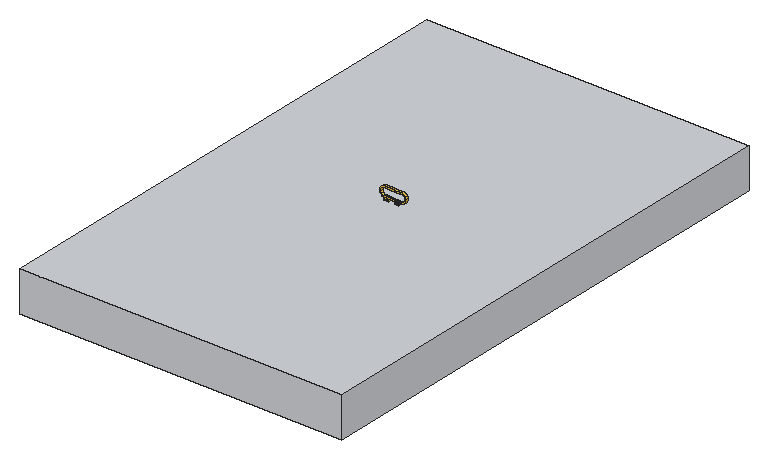
Revit family "Towel_Ring-GROHE-Starlight-41035_Series", category Plumbing Fixtures, host Face, Revit 2016
Family settings
  Host = Face
  Part Type = Normal
  Round Connector Dimension = Use Diameter
  OmniClass Number = 23.40.20.21.27
  OmniClass Title = Towel Bars
  Cut with Voids When Loaded = No
  Shared = Yes
  Room Calculation Point = No
Parameters (values of type "41035GN0")
  Width = 3 3/8"  # constant formula
  Waste Connection = no
  Warranty Documentation Link = "https://cdn.cloud.grohe.com/tpi/1000/1900/1940/1949/1949006/original/1949006.pdf"
  WFU = 0  # constant formula
  Vent Connection = no
  URL = "https://www.grohe.us/"
  Type Comments = ""
  Product Page URL = ""
  Price = "Prices may vary. Please consult Manufacturer Representative for most up-to-date price list."  # constant formula
  Model = "41035GNO"
  Material = "Metal-Grohe-GN0-Brushed Cool Sunrise"
  Manufacturer = "Grohe"
  Length = 7 7/8"  # constant formula
  Installation Type = "Wall Mounted"
  Height = 1 3/16"  # constant formula
  HWFU = 0  # constant formula
  HW Connection = no
  Flow Rate = ""  # constant formula
  Finish = Metal-Grohe-GN0-Brushed Cool Sunrise
  Description = "Towel Ring"  # constant formula
  Default Elevation = 0"  # constant formula
  Creation Date = "08/18/2020"  # constant formula
  CWFU = 0  # constant formula
  CW Connection = no
  Assembly Code = "D2010710"
Types (5): name | Model | Material | Finish
  41035000 | "41035000" | "Metal-Grohe-000-Starlight Chrome" | Metal-Grohe-000-Starlight Chrome
  41035A00 | "41035A00" | "Metal-Grohe-A00-Hard Graphite" | Metal-Grohe-A00-Hard Graphite
  41035BE0 | "41035BE0" | "Metal-Grohe-BE0-Polished Nickel" | Metal-Grohe-BE0-Polished Nickel
  41035EN0 | "41035EN0" | "Metal-Grohe-EN0-Brushed Nickel" | Metal-Grohe-EN0-Brushed Nickel
  41035GN0 | "41035GNO" | "Metal-Grohe-GN0-Brushed Cool Sunrise" | Metal-Grohe-GN0-Brushed Cool Sunrise
Reference planes (in)
  plane 1 "Center (Front/Back)": y = 0
  plane 2: z = 0
  plane 3 "Center (Left/Right)": x = 0
  plane 4: z = 3.38878
  plane 5: z = 0.70312
  plane 6: y = -1.1875
  plane 7: y = -0.59375
  plane 8: x = 1.59375
  plane 9: x = -1.59375
  plane 10: x = 2.25
  plane 11: x = 0.93675
  plane 12: x = -0.9375
  plane 13: x = -2.25
  plane 14: x = 3.9375
  plane 15: x = -3.9375
  plane 16: z = 0.38951
  plane 17: z = 1.88914
  plane 18: x = 1.9375
  plane 19: x = 1.25
  plane 20: x = -1.24925
  plane 21: x = -1.93675
Forms (in)
  Extrusion 1, solid
    sketch origin (0, 0, 0) x (1, 0, 0) y (0, 1, 0)
      loop
        line (-48, 72) -> (-48, -79.70833) -> (48, -79.70833) -> (48, 72) -> (-48, 72)
    from 0 to -12
  Extrusion 2, solid, material "Metal-Grohe-GN0-Brushed Cool Sunrise" <- "Finish"
    sketch origin (-10.30965, -1.1875, 48) x (-1, 0, 0) y (0, 0, 1)
      loop
        line (-12.71368, -47.29688) -> (-10.30965, -47.29688) -> (-7.90757, -47.29688)
        arc (-7.90757, -47.29688) -> (-7.03673, -46.96736) -> (-6.67155, -46.11086) r 1.18703
        arc (-6.67155, -46.11086) -> (-7.01923, -45.2715) -> (-7.85858, -44.92382) r 1.18703
        line (-7.85858, -44.92382) -> (-10.30965, -44.92382) -> (-12.76267, -44.92382)
        arc (-12.76267, -44.92382) -> (-13.60203, -45.2715) -> (-13.9497, -46.11086) r 1.18703
        arc (-13.9497, -46.11086) -> (-13.58453, -46.96736) -> (-12.71368, -47.29688) r 1.18703
      loop
        arc (-14.24723, -46.105) -> (-13.80662, -47.16951) -> (-12.74226, -47.61049) r 1.50497
        line (-12.74226, -47.61049) -> (-10.30965, -47.61049) -> (-7.88045, -47.61049)
        arc (-7.88045, -47.61049) -> (-6.81557, -47.1696) -> (-6.37402, -46.105) r 1.50642
        arc (-6.37402, -46.105) -> (-6.81154, -45.04874) -> (-7.8678, -44.61122) r 1.49378
        line (-7.8678, -44.61122) -> (-12.75346, -44.61122)
        arc (-12.75346, -44.61122) -> (-13.80971, -45.04874) -> (-14.24723, -46.105) r 1.49378
    from 0.59375 to 1.1875
  Extrusion 3, solid, material "Metal-Grohe-GN0-Brushed Cool Sunrise" <- "Finish"
    sketch origin (-10.30965, -1.1875, 48) x (-1, 0, 0) y (0, 0, 1)
      loop
        line (-9.37215, -47.61049) -> (-9.37215, -48) -> (-8.05965, -48) -> (-8.05965, -47.61049) -> (-9.37215, -47.61049)
      loop
        line (-12.55965, -47.61049) -> (-12.55965, -48) -> (-11.2464, -48) -> (-11.2464, -47.61049) -> (-12.55965, -47.61049)
    from 0 to 1.1875
Cuts and joins
  joined: Extrusion 2, Extrusion 3
Lines and regions (in)
  Masking region 1
    outline origin (-10.30965, -1.1875, 48) x (-1, 0, 0) y (0, 0, 1)
      loop
        line (-7.8678, -44.61122) -> (-12.75346, -44.61122)
        arc (-12.75346, -44.61122) -> (-13.80971, -45.04874) -> (-14.24723, -46.105) r 1.49378
        arc (-14.24723, -46.105) -> (-13.80662, -47.16951) -> (-12.74226, -47.61049) r 1.50497
        line (-12.74226, -47.61049) -> (-12.5589, -47.61049) -> (-12.5589, -48) -> (-11.2464, -48) -> (-11.2464, -47.61049) -> (-9.37215, -47.61049) -> (-9.37215, -48) -> (-8.05965, -48) -> (-8.05965, -47.61049) -> (-7.88045, -47.61049)
        arc (-7.88045, -47.61049) -> (-6.81557, -47.1696) -> (-6.37402, -46.105) r 1.50642
        arc (-6.37402, -46.105) -> (-6.81154, -45.04874) -> (-7.8678, -44.61122) r 1.49378
      loop
        arc (-12.76267, -44.92382) -> (-13.60203, -45.2715) -> (-13.9497, -46.11086) r 1.18703
        arc (-13.9497, -46.11086) -> (-13.58453, -46.96736) -> (-12.71368, -47.29688) r 1.18703
        line (-12.71368, -47.29688) -> (-10.30965, -47.29688) -> (-7.90757, -47.29688)
        arc (-7.90757, -47.29688) -> (-7.03673, -46.96736) -> (-6.67155, -46.11086) r 1.18703
        arc (-6.67155, -46.11086) -> (-7.01923, -45.2715) -> (-7.85858, -44.92382) r 1.18703
        line (-7.85858, -44.92382) -> (-10.30965, -44.92382) -> (-12.76267, -44.92382)
  Masking region 2
    outline origin (0, 0, 0) x (1, 0, 0) y (0, 1, 0)
      loop
        line (3.93758, 0) -> (-3.93563, 0) -> (-3.93563, -0.59375) -> (-2.25, -0.59375) -> (-2.25, -1.1875) -> (-0.9375, -1.1875) -> (-0.9375, -0.59375) -> (0.93675, -0.59375) -> (0.93675, -1.1875) -> (2.24925, -1.1875) -> (2.24925, -0.59375) -> (3.93758, -0.59375) -> (3.93758, 0)
  symbolic lines, detail levels fine
    curve 1: line (-0.9375, -0.59375, 0) -> (-2.25, -0.59375, 0)
    curve 2: line (2.24925, -0.59375, 0) -> (0.93675, -0.59375, 0)
    curve 3: line (2.24925, 0, 0.38951) -> (0.93675, 0, 0.38951)
    curve 4: line (-0.9375, 0, 0.38951) -> (-2.25, 0, 0.38951)
Dimensions and locks (in)
  level to plane 4 = 3.38878"
  plane 5 to level = 45/64"
  "Height": plane 6 to plane 1 "Center (Front/Back)"
  equal spacing: plane 1 "Center (Front/Back)", plane 7, plane 6, locked at 0.59375 each
  equal spacing: plane 9, plane 3 "Center (Left/Right)", plane 8
  plane 9 to plane 8 = 3 3/16"
  locked: plane 11 to plane 10 at 1.31325
  locked: plane 8 to plane 10 at 0.65625
  plane 9 to plane 12 = 21/32"
  plane 13 to plane 12 = 1 5/16"
  equal spacing: plane 14, plane 3 "Center (Left/Right)", plane 15, locked at 3.9375 each
  equal spacing: plane 4, plane 17, plane 16
  plane 19 to plane 8 to plane 18 = 11/32", 11/32"
  plane 21 to plane 9 to plane 20 = 0.343", 0.3445"
  "Length": plane 14 to plane 15
  plane 4 to cut or joined group of Extrusion 2, Extrusion 3 = 3.38878"
  aligned and locked: Extrusion 1 to plane 2
  aligned and locked: Extrusion 1 to level
  aligned and locked: Extrusion 2 sketch curve to plane 4
  aligned and locked: plane 16 to Extrusion 2 sketch curve
  aligned and locked: Extrusion 3 sketch curve to plane 16
  aligned and locked: plane 12 to Extrusion 3 sketch curve
  aligned and locked: Extrusion 3 sketch curve to plane 13
  aligned and locked: Extrusion 2 to plane 7
  aligned and locked: Masking region 1 sketch curve to cut or joined group of Extrusion 2, Extrusion 3  (x11)
  aligned and locked: Masking region 2 sketch curve to cut or joined group of Extrusion 2, Extrusion 3
  aligned and locked: cut or joined group of Extrusion 2, Extrusion 3 to Masking region 2 sketch curve
  aligned and locked: Extrusion 1 to Masking region 1 sketch curve
  aligned and locked: cut or joined group of Extrusion 2, Extrusion 3 to plane 2
  aligned and locked: Extrusion 3 sketch curve to plane 2  (x2)
  aligned and locked: plane 16 to Extrusion 3 sketch curve
  aligned and locked: plane 11 to Extrusion 3 sketch curve
  aligned and locked: Extrusion 3 sketch curve to plane 10
Automatic sketch dimensions
  Extrusion 1 sketch curve to Extrusion 1 sketch curve = 96"
  Extrusion 1 sketch curve to Extrusion 1 sketch curve = 151.70833"
  Extrusion 2 sketch curve to Extrusion 2 sketch curve = 0"  (x4)
  Extrusion 2 sketch curve to plane 17 = 0"  (x2)
  Extrusion 2 sketch curve to plane 5 = 0"
  Extrusion 2 sketch curve to plane 3 "Center (Left/Right)" = 0"  (x3)
  Extrusion 2 sketch curve to plane 10 = 0.15403"
  Extrusion 2 sketch curve to plane 17 = 0.00586"  (x2)
  plane 13 to Extrusion 2 sketch curve = 0.15208"
  plane 13 to Extrusion 2 sketch curve = 0.1792"
  Extrusion 2 sketch curve to Extrusion 2 sketch curve = 0.00921"  (x2)
  plane 12 to Extrusion 3 sketch curve = 0"
  Masking region 1 sketch curve to plane 3 "Center (Left/Right)" = 0"  (x2)
  Masking region 1 sketch curve to plane 16 = 0"
  plane 10 to Masking region 1 sketch curve = 0.00075"
  Masking region 2 sketch curve to plane 7 = 0"  (x2)
  Masking region 2 sketch curve to plane 6 = 0"  (x2)
  plane 15 to Masking region 2 sketch curve = 0.00187"
  plane 14 to Masking region 2 sketch curve = 0.00008"
  curve 1 to plane 7 = 0"
  curve 1 to plane 13 = 0"
  curve 1 to plane 12 = 0"
  curve 2 to plane 7 = 0"
  curve 2 to plane 11 = 0"
  plane 10 to curve 2 = 0.00075"
  plane 13 to curve 4 = 0"
  plane 12 to curve 4 = 0"
  plane 11 to curve 3 = 0"
  curve 3 to plane 16 = 0"
  curve 4 to plane 16 = 0"
  plane 10 to curve 3 = 0.00075"
  plane 11 to Masking region 1 sketch curve = 0"
  plane 12 to Masking region 1 sketch curve = 0"
  Masking region 1 sketch curve to level = 0"
  plane 13 to Masking region 1 sketch curve = 0"
  Masking region 2 sketch curve to plane 13 = 0"
  Masking region 2 sketch curve to plane 12 = 0"
  Masking region 2 sketch curve to plane 11 = 0"
  plane 10 to Masking region 2 sketch curve = 0.00075"
